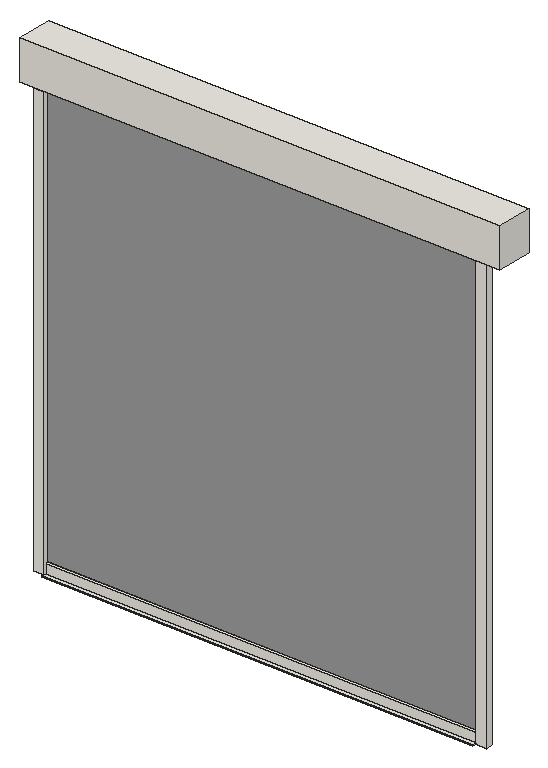
Revit family "Rolling-Security-Grille_Cookson_SmokeShield_Fabric-Smoke-Fire_ERF20__1", category Specialty Equipment, Revit 2018
Family settings
  Round Connector Dimension = Use Diameter
  Part Type = Normal
  OmniClass Number = 23.25.40.17.21
  OmniClass Title = Coiling Partitions
  Work Plane-Based = Yes
  Always vertical = Yes
  Cut with Voids When Loaded = No
  Shared = No
  Room Calculation Point = No
Parameters (values of type "Face Of Wall")
  Voltage = 115 V  # constant formula
  SideClearance = if(Face of Wall, 0' 6 3/4", 0' 6")  # 0' - 6 3/4"
  Power Factor = 1
  Phase = 1
  Opening Width MIN = 4' - 0"  # constant formula
  Opening Width MAX = 22' - 0"
  URL = "https://www.cooksondoor.com"
  Tube Height = Assembly Height - Hood Height - 0' 0 1/8"  # 10' - 0 3/8"
  Sizing Disclaimer = "Openings up to 57' wide and 20' high are standard construction. Consult Manufacturer for larger sizes"  # constant formula
  Product data url = "https://www.bimobject.com/the-cookson-company/product/smokeshield-fabric-smoke-fire"
  Product Guid = "e8e894bb-b715-4ccc-835b-ee5c3062d7d8"
  Opening Width = 10' - 0"
  Opening Height = 10' - 0"
  Number of Poles = 1
  Model = "ERF20"
  Manufacturer = "Cookson"  # constant formula
  Hood = Metal - Cookson - Steel RAL9010
  Opening Height MIN = 6' - 0"  # constant formula
  Opening Height MAX = 20' - 0"  # constant formula
  Guides = Metal - Cookson - Steel RAL9010
  Mounting = if(Face of Wall, "Face Of Wall", "Between Jambs")  # "Face Of Wall"
  Face of Wall = yes
  Electrical Notes = "For more information on the Electrical requirements please contact the manufacturer"  # constant formula
  Edition number = 1
  Distance Between Guides = if(Face of Wall, Opening Width, Opening Width - 1' 0")  # 10' - 0"
  Description = "Model ERF20\r\n\r\nFIRE PROTECTION ALTERNATIVES FOR DESIGN VISIONARIES\r\n\r\nLIMITLESS DESIGN FREEDON\r\nWe've take our nearly 100 years of experience in Smoke and Fire protection and annovated the SmokeShield Smoke and Fire. This curtain is an alternate method solution that allows the design visionary to pursue more unique layouts for atriums and other areas requiring compartmentalization.\r\n\r\n\r\nPERFORMANCE WHILE MINIMIZING COSTS\r\nSmokeShield Smoke and Fire's patented GuideLockTM technology positively seals the curtain within the guide channels, stopping smoke and fire migration in its tracks. Using this system can allow you to minimize or eliminate expensive smoke extraction systems, resulting in savings of weight, space and cost.\r\n\r\nAESTHETICS\r\nDesign versatility allows guide surfaces to be easily concealed in wood, masonry, sheetrock or other fascia materials, offering the boadest range of mounting possibilities. Any exposed guides or bottom bars can be finished to match, complement, or contrast their surroundings with custom powder coat finishes. Finally, fasteners and shadow lines are invisible with our unique guide design.\r\n\r\n\r\nSPACE\r\nThe headroom, backroom, and sideroom requirements are minimal and easily incorporated into your design.\r\nAdditionally the guide footprints for the SmokeShield Smoke and Fire are one of the smallest available.\r\n\r\n"  # constant formula
  Default Elevation = 0' - 0"
  Custom Size Warning = if(or(Opening Height > Opening Height MAX, Opening Width > Opening Width MAX), "The size entered exceeds the maximum allowed tolerance. The model will revert to the maximum allowed size.", if(or(Opening Height < Opening Height MIN, Opening Width < Opening Width MIN), "The size entered is smaller than the minumum allowed tolerance. The model will revert to the minimum allowed size", "Size Available"))  # "Size Available"
  Curtain = Newtex - Cookson - F920
  Connector Description = "Control box cable (Controller Can be Remotely Mounted)"  # constant formula
  Connector Angle = if(Face of Wall, 90.00°, 0.00°)  # 90.00°
  Bottom Bar = Metal - Cookson - Steel RAL9010
  Hood Height = if(Actual Width < 19' 0", if(Actual Height < 11' 1", 0' 11", if(Actual Height < 16' 1", 1' 0", 1' 1")), if(Actual Height < 11' 1", 1' 5", if(Actual Height < 16' 1", 1' 5", 0' 10")))  # 0' - 11"
  Between Jambs = not(Face of Wall)  # no
  Assembly Height = if(Face of Wall, Actual Height + 0' 0 1/2" + Hood Height, Actual Height)  # 10' - 11 1/2"
  Assembly Code = ""
  Actual Width = if(Opening Width > Opening Width MAX, Opening Width MAX, if(Opening Width < Opening Width MIN, Opening Width MIN, Opening Width))  # 10' - 0"
  Actual Height = if(Opening Height > Opening Height MAX, Opening Height MAX, if(Opening Height < Opening Height MIN, Opening Height MIN, Opening Height))  # 10' - 0"
  Hood Depth = if(Actual Height < 11' 1", 0' 10", if(Actual Height < 16' 1", 0' 11", 1' 0"))  # 0' - 10"
Types (2): name | SideClearance | Power Factor | Tube Height | Mounting | Face of Wall | Distance Between Guides | Connector Angle | Between Jambs | Assembly Height
  Face Of Wall | 0' - 6 3/4" | 1 | 10' - 0 3/8" | "Face Of Wall" | yes | 10' - 0" | 90.00° | no | 10' - 11 1/2"
  Between Jambs | 0' - 6" | 0 | 9' - 0 7/8" | "Between Jambs" | no | 9' - 0" | 0.00° | yes | 10' - 0"
Reference planes (in)
  plane 1 "Center (Front/Back)": y = -3
  plane 2: z = 0
  plane 3 "Center (Left/Right)": x = 0
  plane 4: x = -60
  plane 5: x = 60
  plane 6: z = 120
  plane 7: z = 3
  plane 8: z = 120.5
  plane 9: y = -3
  plane 10: x = 62.25
  plane 11: x = -62.25
  plane 12: y = -2
  plane 13: y = -3
  plane 14: z = 131.5
  plane 15: z = 131.5
  plane 16: y = 7
  plane 17: y = -1.25
  plane 18: y = -0.0625
  plane 19: y = -3.9375
  plane 20: x = -66.75
  plane 21: x = 66.75
  plane 22: z = 129.75
Forms (in)
  Extrusion 1, solid, material "Newtex - Cookson - F920" <- "Curtain"
    sketch origin (0, 0, 0) x (1, 0, 0) y (0, 1, 0)
      loop
        line (-62.25, -1.875) -> (-62.25, -2.125) -> (62.25, -2.125) -> (62.25, -1.875) -> (-62.25, -1.875)
    from 3 to 120.5
  Extrusion 2, solid, material "Metal - Cookson - Steel RAL9010" <- "Bottom Bar"
    sketch origin (0, 0, 0) x (0, 1, 0) y (0, 0, 1)
      loop
        line (-1.75, 3) -> (-2.25, 3) -> (-2.5, 2.56699) -> (-2.5, 0.125) -> (-3.9375, 0.125) -> (-3.9375, 0) -> (-0.0625, 0) -> (-0.0625, 0.125) -> (-1.5, 0.125) -> (-1.5, 2.56699) -> (-1.75, 3)
    from -60 to 60
  Extrusion 3, solid, material "Metal - Cookson - Steel RAL9010" <- "Hood"
    sketch origin (0, 0, 0) x (0, 1, 0) y (0, 0, 1)
      loop
        line (7, 131.5) -> (-3, 131.5) -> (-3, 120.5) -> (7, 120.5) -> (7, 131.5)
    from -66.75 to 66.75
  Extrusion 4, solid, material "Metal - Cookson - Steel RAL9010" <- "Guides"
    sketch origin (0, -4, 0) x (1, 0, 0) y (0, 1, 0)
      loop
        line (63, 2.75) -> (60, 2.75) -> (60, 2.125) -> (60.53302, 2.125) -> (60.53302, 2.25) -> (60.125, 2.25) -> (60.125, 2.625) -> (62.875, 2.625) -> (62.875, 1.125) -> (60.125, 1.125) -> (60.125, 1.75) -> (61, 1.75) -> (61, 1.875) -> (60, 1.875) -> (60, 1) -> (63, 1) -> (63, 2.75)
      loop
        line (-63, 2.75) -> (-63, 1) -> (-60, 1) -> (-60, 1.875) -> (-61, 1.875) -> (-61, 1.75) -> (-60.125, 1.75) -> (-60.125, 1.125) -> (-62.875, 1.125) -> (-62.875, 2.625) -> (-60.125, 2.625) -> (-60.125, 2.25) -> (-60.53302, 2.25) -> (-60.53302, 2.125) -> (-60, 2.125) -> (-60, 2.75) -> (-63, 2.75)
    from 0 to 120.5
  Extrusion 5, solid, not visible
    sketch origin (-60, -1.25, 129.75) x (0, -1, 0) y (-1, 0, 0)
      loop
        circle (0.00304, -0.00304) r 0.75
    from 0 to -1.75
Lines and regions (in)
  Masking region 1
    outline origin (0, 0, 0) x (1, 0, 0) y (0, 1, 0)
      loop
        line (-66.75, 7) -> (-66.75, -3) -> (66.75, -3) -> (66.75, 7) -> (-66.75, 7)
  Masking region 2
    outline origin (0, 0, 0) x (1, 0, 0) y (0, 1, 0)
      loop
        line (-60, -3) -> (-60, -3.9375) -> (60, -3.9375) -> (60, -3) -> (-60, -3)
  reference lines
    curve 1: line (-60, -1.25, 129.75) -> (-60, -1.25, 131.5)
Dimensions and locks (in)
  equal spacing: plane 5, plane 3 "Center (Left/Right)", plane 4
  "Distance Between Guides": plane 5 to plane 4
  locked: plane 11 to plane 4 at 2.25
  locked: plane 5 to plane 10 at 2.25
  locked: plane 13 to plane 12 at 1
  locked: plane 12 to plane 9 at 1
  "Hood Height": plane 14 to plane 8
  plane 14 to plane 8 = 0' - 11"
  plane 1 "Center (Front/Back)" to plane 16 = 0' - 10"
  locked: plane 8 to plane 6 at 0.5
  locked: plane 7 to plane 2 at 3
  locked: plane 17 to plane 12 at 0.75
  locked: plane 5 to Extrusion 4 sketch curve at 3
  locked: Extrusion 4 sketch curve to plane 4 at 3
  "Hood Depth": plane 16 to plane 9
  equal spacing: plane 18, plane 12, plane 19
  locked: plane 18 to plane 19 at 3.875
  locked: Extrusion 2 sketch curve to plane 12 at 0.5
  locked: plane 12 to Extrusion 2 sketch curve at 0.5
  "SideClearance": plane 5 to plane 21
  "SideClearance": plane 20 to plane 4
  "Assembly Height": plane 15 to level
  locked: plane 15 to plane 22 at 1.75
  "Connector Angle": angle plane 22 to curve 1
  aligned and locked: level to plane 2
  aligned and locked: Extrusion 1 sketch curve to plane 10
  aligned and locked: plane 11 to Extrusion 1 sketch curve
  aligned and locked: plane 8 to Extrusion 1
  aligned and locked: Extrusion 1 to plane 7
  aligned and locked: plane 14 to Extrusion 3 sketch curve
  aligned and locked: Extrusion 3 sketch curve to plane 16
  aligned and locked: Extrusion 3 to plane 8
  aligned and locked: plane 15 to plane 14
  aligned and locked: Extrusion 4 sketch curve to Extrusion 4 sketch curve  (x4)
  aligned and locked: plane 1 "Center (Front/Back)" to plane 9
  aligned and locked: Extrusion 4 sketch curve to plane 17
  aligned and locked: plane 5 to Extrusion 4 sketch curve
  aligned and locked: plane 4 to Extrusion 4 sketch curve
  aligned and locked: Extrusion 1 sketch curve to Extrusion 4  (x2)
  aligned and locked: Extrusion 2 to plane 4
  aligned and locked: plane 5 to Extrusion 2
  aligned and locked: nested 2 to Extrusion 4
  aligned and locked: nested 2 to plane 13
  aligned and locked: nested 1 to Extrusion 4
  aligned and locked: plane 9 to nested 1
  aligned and locked: plane 21 to Extrusion 3
  aligned and locked: Extrusion 3 to plane 20
  aligned and locked: Masking region 1 to plane 20
  aligned and locked: plane 21 to Masking region 1
  aligned and locked: Extrusion 4 to Masking region 2 sketch curve
  aligned and locked: Masking region 2 sketch curve to Extrusion 4
  aligned and locked: Masking region 2 sketch curve to Extrusion 2  (x2)
  aligned and locked: plane 8 to Extrusion 4
  aligned and locked: plane 22 to curve 1
  aligned and locked: plane 17 to curve 1
Automatic sketch dimensions
  Extrusion 3 sketch curve to plane 1 "Center (Front/Back)" = 0' - 0"
  Extrusion 3 sketch curve to plane 8 = 0' - 0"
  plane 16 to Masking region 1 sketch curve = 0' - 0"
  Masking region 1 sketch curve to plane 1 "Center (Front/Back)" = 0' - 0"
  Masking region 1 sketch curve to plane 4 = 0' - 6 3/4"
  plane 5 to Masking region 1 sketch curve = 0' - 6 3/4"
  Extrusion 4 sketch curve to plane 17 = 0' - 0"
  Extrusion 4 sketch curve to plane 1 "Center (Front/Back)" = 0' - 0"
  plane 1 "Center (Front/Back)" to Extrusion 4 sketch curve = 0' - 0"
  Extrusion 4 sketch curve to plane 4 = 0' - 0 1/8"
  plane 12 to Extrusion 4 sketch curve = 0' - 0 1/8"  (x2)
  Extrusion 4 sketch curve to Extrusion 4 sketch curve = 0' - 0.40802"  (x2)
  Extrusion 4 sketch curve to plane 12 = 0' - 0 1/4"
  Extrusion 4 sketch curve to Extrusion 4 sketch curve = 0' - 0.46698"  (x2)
  Extrusion 4 sketch curve to plane 1 "Center (Front/Back)" = 0' - 0 1/8"  (x2)
  Extrusion 4 sketch curve to Extrusion 4 sketch curve = 0' - 0 1/8"  (x5)
  plane 5 to Extrusion 4 sketch curve = 0' - 0 1/8"
  Extrusion 4 sketch curve to plane 12 = 0' - 0 1/8"  (x2)
  plane 17 to Extrusion 4 sketch curve = 0' - 0 1/8"  (x2)
  Extrusion 2 sketch curve to level = 0' - 0"
  Extrusion 2 sketch curve to plane 19 = 0' - 0"
  Extrusion 2 sketch curve to plane 7 = 0' - 0"
  Extrusion 2 sketch curve to plane 18 = 0' - 0"
  level to Extrusion 2 sketch curve = 0' - 0 1/8"  (x2)
  Extrusion 2 sketch curve to plane 7 = 0' - 0.43301"  (x2)
  Extrusion 2 sketch curve to Extrusion 2 sketch curve = 0' - 0 1/4"  (x2)
  plane 4 to Extrusion 5 sketch curve = 0' - 0.00304"
  plane 17 to Extrusion 5 sketch curve = 0' - 0.00304"
  radius of Extrusion 5 sketch curve = 0' - 0 3/4"
Nested families (in)
  nested 1: "Tube" at (-64.5, -1.5, 0), visible <- "Between Jambs", type "Tube"
    with Height 10' - 0 3/8"
  nested 2: "Tube" at (64.5, -1.5, 0) x (-1, 0, 0) z (0, 0, 1), visible <- "Between Jambs", type "Tube"
    with Height 10' - 0 3/8"
Connectors (in)
  electrical at (-59.99696, -1.25304, 131.5), driven by "Number of Poles", driven by "Voltage", driven by "Power Factor", driven by "Connector Description"
    settings: on Extrusion 5, index 1, voltage 115 V, apparent load 0 VA, apparent load phase1 0 VA, apparent load phase2 0 VA, apparent load phase3 0 VA, power factor 1, load classification "Other", number of poles 1, system type 31, power factor state 1, is connector primary yes, connector utility no, sub classification motor no, connector description "Control box cable (Controller Can be Remotely Mounted)"
Definition of nested family "Tube"
  Parameters (values of type "Tube")
    Height = 10' - 7.09806"
    Guides = none
  Reference planes (in)
    plane 1 "Center (Front/Back)": y = 0
    plane 2: z = 0
    plane 3 "Center (Left/Right)": x = 0
    plane 4: z = 127.09806
    plane 5: x = -1.5
    plane 6: x = 1.5
    plane 7: y = -1.5
    plane 8: y = 1.5
  Forms (in)
    Extrusion 1, solid, material <- "Guides"
      sketch origin (76.5, 5.5, 0) x (1, 0, 0) y (0, 1, 0)
        loop
          line (-75.25, -4) -> (-77.75, -4)
          arc (-77.75, -4) -> (-77.92678, -4.07322) -> (-78, -4.25) r 0.25
          line (-78, -4.25) -> (-78, -6.75)
          arc (-78, -6.75) -> (-77.92678, -6.92678) -> (-77.75, -7) r 0.25
          line (-77.75, -7) -> (-75.25, -7)
          arc (-75.25, -7) -> (-75.07322, -6.92678) -> (-75, -6.75) r 0.25
          line (-75, -6.75) -> (-75, -4.25)
          arc (-75, -4.25) -> (-75.07322, -4.07322) -> (-75.25, -4) r 0.25
        loop
          line (-77.875, -4.25) -> (-77.875, -6.75)
          arc (-77.875, -6.75) -> (-77.83839, -6.83839) -> (-77.75, -6.875) r 0.125
          line (-77.75, -6.875) -> (-75.25, -6.875)
          arc (-75.25, -6.875) -> (-75.16161, -6.83839) -> (-75.125, -6.75) r 0.125
          line (-75.125, -6.75) -> (-75.125, -4.25)
          arc (-75.125, -4.25) -> (-75.16161, -4.16161) -> (-75.25, -4.125) r 0.125
          line (-75.25, -4.125) -> (-77.75, -4.125)
          arc (-77.75, -4.125) -> (-77.83839, -4.16161) -> (-77.875, -4.25) r 0.125
      from 0 to 127.09806
    Extrusion 2, solid, material <- "Guides"
      sketch origin (26.77927, 10, -8.77694) x (1, 0, 0) y (0, 1, 0)
        loop
          line (-25.27927, -11.25) -> (-25.27927, -8.75)
          arc (-25.27927, -8.75) -> (-25.35249, -8.57322) -> (-25.52927, -8.5) r 0.25
          line (-25.52927, -8.5) -> (-28.02927, -8.5)
          arc (-28.02927, -8.5) -> (-28.20604, -8.57322) -> (-28.27927, -8.75) r 0.25
          line (-28.27927, -8.75) -> (-28.27927, -11.25)
          arc (-28.27927, -11.25) -> (-28.20604, -11.42678) -> (-28.02927, -11.5) r 0.25
          line (-28.02927, -11.5) -> (-25.52927, -11.5)
          arc (-25.52927, -11.5) -> (-25.35249, -11.42678) -> (-25.27927, -11.25) r 0.25
      from 135.875 to 136
  Lines and regions (in)
    Masking region 1
      outline origin (0, 0, 0) x (1, 0, 0) y (0, 1, 0)
        loop
          line (-1.5, 1.25) -> (-1.5, -1.25)
          arc (-1.5, -1.25) -> (-1.42678, -1.42678) -> (-1.25, -1.5) r 0.25
          line (-1.25, -1.5) -> (1.25, -1.5)
          arc (1.25, -1.5) -> (1.42678, -1.42678) -> (1.5, -1.25) r 0.25
          line (1.5, -1.25) -> (1.5, 1.25)
          arc (1.5, 1.25) -> (1.42678, 1.42678) -> (1.25, 1.5) r 0.25
          line (1.25, 1.5) -> (-1.25, 1.5)
          arc (-1.25, 1.5) -> (-1.42678, 1.42678) -> (-1.5, 1.25) r 0.25
  Dimensions and locks (in)
    locked: Extrusion 2 to plane 4 at 0.125
    "Height": plane 4 to level
    aligned and locked: plane 2 to level
    aligned and locked: Extrusion 2 sketch curve to Extrusion 1  (x4)
    aligned and locked: plane 4 to Extrusion 1
    aligned and locked: Extrusion 2 to plane 4
    aligned and locked: Extrusion 1 to level
    aligned and locked: Masking region 1 sketch curve to Extrusion 1  (x4)
  Automatic sketch dimensions
    Extrusion 1 sketch curve to Extrusion 1 sketch curve = 0' - 0"  (x8)
    Extrusion 1 sketch curve to plane 3 "Center (Left/Right)" = 0' - 1 1/2"
    Extrusion 1 sketch curve to Extrusion 1 sketch curve = 0' - 0 1/8"  (x4)
    plane 3 "Center (Left/Right)" to Extrusion 1 sketch curve = 0' - 1 1/4"  (x2)
    plane 1 "Center (Front/Back)" to Extrusion 1 sketch curve = 0' - 1 1/2"
    Extrusion 1 sketch curve to plane 1 "Center (Front/Back)" = 0' - 1 1/4"
